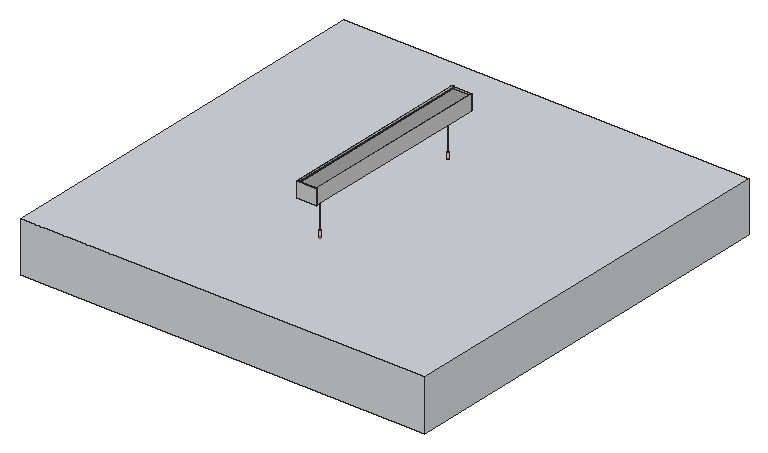
Revit family "LAMP_FIL 120 1162MM OPAL SUSPENDED", category Luminarias, Revit 2018
Family settings
  Anfitrión = Cara
  Cota de conector redondo = Diámetro de uso
  Tipo de pieza = Normal
  Corte con vacíos al cargar = No
  Origen de luz = Sí
  Compartido = No
  Punto de cálculo de habitación = No
Parameters (values of type "5090LM 3000K  GREY")
  Ángulo de inclinación = -90.00°
  Weight = 4.19 kg
  Wattage = 49.2 W
  Type = "HI POWER PHILIPS"
  built-in parameter 1150107 = 3000 (stored number, unit not read)
  Suspension distance [instance] = if(Suspension > 4000 mm, 4000 mm, if(Suspension < 1 mm, 1 mm, Suspension))  # 200 mm
  Suspension [instance] = 200 mm
  built-in parameter 1150110 = 1 (stored number, unit not read)
  built-in parameter 1150109 = 1 (stored number, unit not read)
  built-in parameter 1150112 = 1 (stored number, unit not read)
  built-in parameter 1150113 = 1 (stored number, unit not read)
  built-in parameter 1114218 = 1 (stored number, unit not read)
  Protection rating = "IP20"
  Product datasheet = "http://www.lamp.es/product-files/TECH/F121SF12HOOP830NG-EN.pdf"
  Product code = "F121SF12HOOP830NG"
  Product URL = "https://www.lamp.es/en/family/fil-120_33415"
  Power Supply = "220-240V 50/60Hz"
  Power = 45 W
  Plum = 49.2 W
  NOT COVER 2 [instance] = not(END COVER 2)  # no
  NOT COVER 1 [instance] = not(END COVER 1)  # no
  built-in parameter 1150137 = (empty or 0)
  built-in parameter 1150132 = 2
  Model explanation = "Availability of switching between accessories through visibility parameters when placed in a project."
  Material suspension = LAMP_Acero genérico
  Material perfil = LAMP_Aluminio Perfil Fil GR
  Material difusor = LAMP_PC Difusor Opal Fil
  Manufacturer name = "LAMP"
  Manufacturer country = "Spain"
  Manufacturer URL = "http://www.lamp.es/en"
  MacAdam = "3"
  Luminaire type = ""
  Longitud de línea de emisión = 1162 mm
  Last update = "31/01/2022"
  Lamp = "HIGH POWER LED"
  LED Lifetime = "96.000 L90B10"
  built-in parameter 1150105 = 405.22 (stored number, unit not read)
  built-in parameter 1150102 = (empty or 0)
  Insulation class = "I"
  Installation instructions = "https://www.lamp.es/product-files/packed/INS/33416_Fil_120.zip"
  built-in parameter 1150106 = 4.0522 (stored number, unit not read)
  Gear = "Electronic"
  Lumens = 5092.2 lm
  Finish = "Gloss grey"
  Color Filter = 16777215
  built-in parameter 1114217 = 1 (stored number, unit not read)
  built-in parameter 1150139 = (empty or 0)
  Default Elevation = 1219.2 mm
  built-in parameter 1150104 = 9.6155 (stored number, unit not read)
  Efficacy = 103.5 lm/W
  END COVER 2 [instance] = yes
  END COVER 1 [instance] = yes
  Dimensions = "1162x120x92"
  built-in parameter 1150115 = 1 (stored number, unit not read)
  built-in parameter 1150114 = 1 (stored number, unit not read)
  built-in parameter 1150138 = (empty or 0)
  built-in parameter 1150134 = 3
  Dimming Lamp Color Temperature Shift = (empty or 0)
  CRI = "80"
  Archivo de red fotométrica = "F121SF12HOOP830NG.IES"
  built-in parameter 1150133 = 10 (stored number, unit not read)
Types (8, lengths in mm): name | built-in parameter 1150107 | Product datasheet | Product code | Material perfil | built-in parameter 1150105 | built-in parameter 1150106 | Gear | Lumens | Finish | built-in parameter 1150104 | Efficacy | Archivo de red fotométrica
  5090LM 3000K DALI GREY | 3000 (stored number, unit not read) | "http://www.lamp.es/product-files/TECH/F121SF12HOOP830DG-EN.pdf" | "F121SF12HOOP830DG" | LAMP_Aluminio Perfil Fil GR | 405.22 (stored number, unit not read) | 4.0522 (stored number, unit not read) | "DALI" | 5092.2 lm | "Gloss grey" | 9.6155 (stored number, unit not read) | 103.5 lm/W | "F121SF12HOOP830nG.IES"
  5090LM 3000K DALI WHITE | 3000 (stored number, unit not read) | "http://www.lamp.es/product-files/TECH/F121SF12HOOP830DW-EN.pdf" | "F121SF12HOOP830DW" | LAMP_Aluminio Perfil Fil BL | 405.22 (stored number, unit not read) | 4.0522 (stored number, unit not read) | "DALI" | 5092.2 lm | "Matte white RAL 9010" | 9.6155 (stored number, unit not read) | 103.5 lm/W | "F121SF12HOOP830nW.IES"
  5090LM 3000K  GREY | 3000 (stored number, unit not read) | "http://www.lamp.es/product-files/TECH/F121SF12HOOP830NG-EN.pdf" | "F121SF12HOOP830NG" | LAMP_Aluminio Perfil Fil GR | 405.22 (stored number, unit not read) | 4.0522 (stored number, unit not read) | "Electronic" | 5092.2 lm | "Gloss grey" | 9.6155 (stored number, unit not read) | 103.5 lm/W | "F121SF12HOOP830NG.IES"
  5090LM 3000K  WHITE | 3000 (stored number, unit not read) | "http://www.lamp.es/product-files/TECH/F121SF12HOOP830NW-EN.pdf" | "F121SF12HOOP830NW" | LAMP_Aluminio Perfil Fil BL | 405.22 (stored number, unit not read) | 4.0522 (stored number, unit not read) | "Electronic" | 5092.2 lm | "Matte white RAL 9010" | 9.6155 (stored number, unit not read) | 103.5 lm/W | "F121SF12HOOP830NW.IES"
  5290LM 4000K DALI GREY | 4000 (stored number, unit not read) | "http://www.lamp.es/product-files/TECH/F121SF12HOOP840DG-EN.pdf" | "F121SF12HOOP840DG" | LAMP_Aluminio Perfil Fil GR | 420.89 (stored number, unit not read) | 4.2089 (stored number, unit not read) | "DALI" | 5289 lm | "Gloss grey" | 9.9871 (stored number, unit not read) | 107.5 lm/W | "F121SF12HOOP840nG.IES"
  5290LM 4000K DALI WHITE | 4000 (stored number, unit not read) | "http://www.lamp.es/product-files/TECH/F121SF12HOOP840DW-EN.pdf" | "F121SF12HOOP840DW" | LAMP_Aluminio Perfil Fil BL | 420.89 (stored number, unit not read) | 4.2089 (stored number, unit not read) | "DALI" | 5289 lm | "Matte white RAL 9010" | 9.9871 (stored number, unit not read) | 107.5 lm/W | "F121SF12HOOP840nW.IES"
  5290LM 4000K  GREY | 4000 (stored number, unit not read) | "http://www.lamp.es/product-files/TECH/F121SF12HOOP840NG-EN.pdf" | "F121SF12HOOP840NG" | LAMP_Aluminio Perfil Fil GR | 420.89 (stored number, unit not read) | 4.2089 (stored number, unit not read) | "Electronic" | 5289 lm | "Gloss grey" | 9.9871 (stored number, unit not read) | 107.5 lm/W | "F121SF12HOOP840NG.IES"
  5290LM 4000K  WHITE | 4000 (stored number, unit not read) | "http://www.lamp.es/product-files/TECH/F121SF12HOOP840NW-EN.pdf" | "F121SF12HOOP840NW" | LAMP_Aluminio Perfil Fil BL | 420.89 (stored number, unit not read) | 4.2089 (stored number, unit not read) | "Electronic" | 5289 lm | "Matte white RAL 9010" | 9.9871 (stored number, unit not read) | 107.5 lm/W | "F121SF12HOOP840NW.IES"
Reference planes
  plane 1 "Centro (Frontal/Posterior)": y = 0
  plane 2: z = 0
  plane 3 "Centro (Izquierda/Derecha)": x = 0
Forms (mm)
  Extrusion 1, solid
    sketch origin (0, 0, 0) x (1, 0, 0) y (0, 1, 0)
      loop
        line (-1219.2, 1219.2) -> (-1219.2, -1219.2) -> (1219.2, -1219.2) -> (1219.2, 1219.2) -> (-1219.2, 1219.2)
    from 0 to -304.8
  Extrusion 2, solid, material "LAMP_Aluminio Perfil Fil GR" <- "Material perfil"
    sketch origin (0, 0, 0) x (1, 0, 0) y (0, 0, 1)
      loop
        line (-60, 240) -> (60, 240) -> (60, 332) -> (58.25, 332) -> (58.25, 324) -> (52, 324) -> (52, 322) -> (50, 322) -> (50, 320) -> (58.25, 320) -> (58.25, 242) -> (0, 242) -> (-58.25, 242) -> (-58.25, 320) -> (-50, 320) -> (-50, 322) -> (-52, 322) -> (-52, 324) -> (-58.25, 324) -> (-58.25, 332) -> (-60, 332) -> (-60, 240)
    from -581 to 581
  Extrusion 3, solid, material "LAMP_Acero genérico" <- "Material suspension"
    sketch origin (0, 0, 0) x (1, 0, 0) y (0, 1, 0)
      loop
        circle (0, 481) r 7.5
      loop
        circle (0, -481) r 7.5
    from 0 to 40
  Extrusion 4, solid, material "LAMP_Acero genérico" <- "Material suspension"
    sketch origin (0, 0, 0) x (1, 0, 0) y (0, 1, 0)
      loop
        circle (0, 481) r 1
      loop
        circle (0, -481) r 1
    from 40 to 240
  Extrusion 5, solid, material "LAMP_PC Difusor Opal Fil" <- "Material difusor"
    sketch origin (0, 0, 0) x (1, 0, 0) y (0, 0, 1)
      loop
        line (-52, 324) -> (-52, 322) -> (52, 322) -> (52, 324) -> (-52, 324)
    from -581 to 581
Text (mm)
  text "Any modification of the parameters and properties of the LAMP BIM models must be executed and validated by the LAMP technical department.\nPhone: +34 93 736 68 00\nE-mail: lamp@lamp.es\n\nLAMP reserves the right to modify the technical specifications of its products." at (-2377.104, -7012.977, -2722.049), in view "Preview"
Dimensions and locks
  "Suspension distance": Extrusion 4 to Extrusion 3
  aligned and locked: plane 2 to Extrusion 1
  aligned and locked: level to Extrusion 1
  aligned and locked: Extrusion 4 to Extrusion 3
  aligned and locked: Extrusion 4 to Extrusion 2
  aligned and locked: Extrusion 5 to Extrusion 2
  aligned and locked: imposter light to Extrusion 5
  aligned and locked: nested 2 to Extrusion 2
  aligned and locked: nested 1 to Extrusion 2
  aligned and locked: Extrusion 2 to nested 2
Automatic sketch dimensions
  Extrusion 1 sketch curve to Extrusion 1 sketch curve = 2438.4 mm  (x2)
  Extrusion 3 sketch curve to plane 3 "Centro (Izquierda/Derecha)" = 0 mm  (x2)
  plane 1 "Centro (Frontal/Posterior)" to Extrusion 3 sketch curve = 481 mm
  Extrusion 3 sketch curve to plane 1 "Centro (Frontal/Posterior)" = 481 mm
  Extrusion 4 sketch curve to plane 3 "Centro (Izquierda/Derecha)" = 0 mm  (x2)
  plane 1 "Centro (Frontal/Posterior)" to Extrusion 4 sketch curve = 481 mm
  Extrusion 4 sketch curve to plane 1 "Centro (Frontal/Posterior)" = 481 mm
  Extrusion 2 sketch curve to plane 3 "Centro (Izquierda/Derecha)" = 0 mm
  Extrusion 2 sketch curve to plane 3 "Centro (Izquierda/Derecha)" = 50 mm
  Extrusion 2 sketch curve to Extrusion 2 sketch curve = 2 mm  (x6)
  Extrusion 2 sketch curve to Extrusion 2 sketch curve = 6.25 mm  (x2)
  Extrusion 2 sketch curve to Extrusion 2 sketch curve = 0 mm  (x2)
  Extrusion 2 sketch curve to Extrusion 2 sketch curve = 1.75 mm  (x2)
  plane 3 "Centro (Izquierda/Derecha)" to Extrusion 2 sketch curve = 50 mm
  level to Extrusion 2 sketch curve = 240 mm
  Extrusion 2 sketch curve to Extrusion 2 sketch curve = 78 mm  (x2)
  Extrusion 2 sketch curve to Extrusion 2 sketch curve = 4 mm
  Extrusion 2 sketch curve to Extrusion 2 sketch curve = 8 mm  (x2)
  Extrusion 5 sketch curve to plane 3 "Centro (Izquierda/Derecha)" = 52 mm
  plane 3 "Centro (Izquierda/Derecha)" to Extrusion 5 sketch curve = 52 mm
  level to Extrusion 5 sketch curve = 322 mm
  Extrusion 5 sketch curve to Extrusion 5 sketch curve = 2 mm
  radius of Extrusion 3 sketch curve = 7.5 mm  (x2)
  radius of Extrusion 4 sketch curve = 1 mm  (x2)
Nested families
  nested 1: "LAMP_FIL 120 END COVER SURFACE" at (0, -582.5, 240), visible <- "END COVER 2", type "Blanco"
  nested 2: "LAMP_FIL 120 END COVER SURFACE" at (0, 582.5, 240), visible <- "END COVER 1", type "Blanco"
Connectors
  electrical at (0, 0, 240)
    settings: on Extrusion 2, index 1, voltage 230 V, apparent load 0 VA, apparent load phase1 0 VA, apparent load phase2 0 VA, apparent load phase3 0 VA, power factor 1, load classification "Otro", number of poles 1, system type 31, power factor state 1, is connector primary yes, connector utility no, sub classification motor no, connector description ""
Definition of nested family "LAMP_FIL 120 END COVER SURFACE"
  Parameters (values of type "Blanco")
    Material tapa = none
  Types (3): name
    (no name)
    Blanco
    Gris
  Reference planes
    plane 1 "Centro (Frontal/Posterior)": y = 0
    plane 2: z = 0
    plane 3 "Centro (Izquierda/Derecha)": x = 0
  Forms (mm)
    Extrusion 1, solid, material <- "Material tapa"
      sketch origin (0, 0, 0) x (0, -1, 0) y (0, 0, 1)
        loop
          line (0.5, 0) -> (1.5, 0) -> (1.5, 92.5) -> (-1.5, 92.5) -> (-1.5, 0) -> (0.5, 0)
      from -60 to 60
  Dimensions and locks
    aligned and locked: level to plane 2
